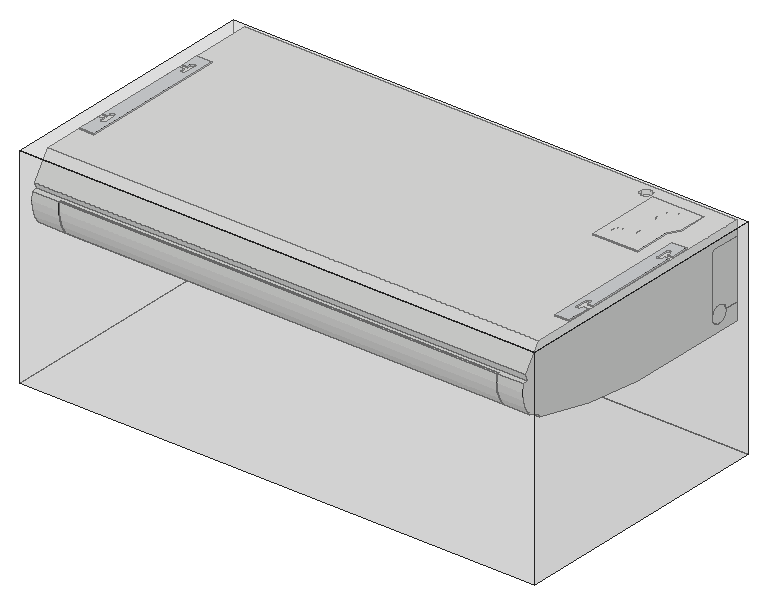
Revit family "outputfile", category 機械設備, Revit 2024
Family settings
  丸型コネクタ寸法 = 半径を使用
  パーツ タイプ = 標準
  OmniClass 番号 = 23.75.10.24.21.27.27
  OmniClass タイトル = Split System Air Conditioning Units
  作業面ベース = いいえ
  常に垂直 = はい
  ロード時にボイドで切り取り = いいえ
  注釈の向きを維持 = いいえ
  共有 = いいえ
  部屋計算ポイント = はい
Parameters (values of type "FHA60DVMG")
  製造元 = "Daikin"
  書き出し IFC クラス(タイプ) = "IfcUnitaryEquipmentType"
  定義済み IFC タイプ(タイプ) = "AIRCONDITIONINGUNIT"
  モデル = "FHA60DVMG"
  switch_frequency = yes
  r_Liquid Pipe Size = Liquid Pipe Size / 2  # 3.2 mm
  r_Gas Pipe Size = Gas Pipe Size / 2  # 6.35 mm
  r_Drain Pipe Size = Drain Pipe Size / 2  # 10.0 mm
  l_powersupply [instance] = if(Rear Right Connection_powersupply, 29.0 mm, 175.0 mm)  # 29.0 mm
  h_mountinghole = 2.0 mm
  connector_voltage = Voltage_50Hz  # 230 V
  connector_powerinput = [Power Input (Cooling)]  # 1.290 kW
  connector_phase = Phase_50Hz  # 1
  angle_vertical_powersupply [instance] = if(Rear Right Connection_powersupply, 90.00°, 180.00°)  # 90.00°
  angle_vertical_drainpipe [instance] = if(or(Left Connection_drainpipe, Right Connection_drainpipe), 90.00°, if(Top Connection_drainpipe, 180.00°, -90.00°))  # -90.00°
  angle_horizontal_powersupply [instance] = if(Rear Right Connection_powersupply, 180.00°, 0.00°)  # 180.00°
  angle_horizontal_drainpipe [instance] = if(Right Connection_drainpipe, 90.00°, if(Left Connection_drainpipe, -90.00°, 0.00°))  # 0.00°
  Voltage_comment_60Hz = "220-230"
  Voltage_comment_50Hz = "220-240"
  Voltage_60Hz = 220 V
  Voltage_50Hz = 230 V
  Top Connection_refrigerant [instance] = no
  Top Connection_powersupply [instance] = not(Rear Right Connection_powersupply)  # no
  Right Connection_refrigerant [instance] = no
  Rear Right Connection_refrigerant [instance] = yes
  Phase_60Hz = 1
  Phase_50Hz = 1
  Material_Casing = DAIKIN_White_Casing_indoorunit
  lw_powersupply [instance] = if(Rear Right Connection_powersupply, 220.0 mm, 210.0 mm)  # 220.0 mm
  lw_mountinghole_pitch = Width - 40.0 mm  # 1230.0 mm
  lw_mountinghole = 20.0 mm
  lw_liquidpipe [instance] = if(Right Connection_refrigerant, 156.0 mm, if(Top Connection_refrigerant, 156.0 mm, 136.0 mm))  # 136.0 mm
  lw_gaspipe = 105.0 mm
  lw_drainpipe [instance] = if(Top Connection_drainpipe, 102.0 mm, if(Width = 960.0 mm, if(or(Left Connection_drainpipe, Rear Left Connection_drainpipe), 884.0 mm, 83.0 mm), if(Width = 1270.0 mm, if(or(Left Connection_drainpipe, Rear Left Connection_drainpipe), 1194.0 mm, 83.0 mm), if(Width = 1590.0 mm, if(or(Left Connection_drainpipe, Rear Left Connection_drainpipe), 1514.0 mm, 83.0 mm), 83.0 mm))))  # 83.0 mm
  lh_powersupply = 175.0 mm
  lh_liquidpipe [instance] = if(Rear Right Connection_refrigerant, 160.0 mm, 131.0 mm)  # 160.0 mm
  lh_gaspipe [instance] = if(Rear Right Connection_refrigerant, 150.0 mm, 91.0 mm)  # 150.0 mm
  lh_drainpipe = 197.0 mm
  l_antena = 1.0 mm
  ld_powersupply = 30.0 mm
  ld_mountinghole_pitch = 260.0 mm
  ld_mountinghole = 210.0 mm
  ld_liquidpipe [instance] = if(Right Connection_refrigerant, 57.0 mm, if(Top Connection_refrigerant, 189.0 mm, 221.0 mm))  # 221.0 mm
  ld_gaspipe [instance] = if(Right Connection_refrigerant, 57.0 mm, if(Top Connection_refrigerant, 163.0 mm, 214.0 mm))  # 214.0 mm
  ld_drainpipe [instance] = if(or(Left Connection_drainpipe, Right Connection_drainpipe), 57.0 mm, if(Top Connection_drainpipe, 87.0 mm, 268.0 mm))  # 268.0 mm
  l_liquidpipe_length [instance] = if(Right Connection_refrigerant, 156.0 mm, if(Top Connection_refrigerant, 131.0 mm, 220.0 mm))  # 220.0 mm
  l_gaspipe_length [instance] = if(Right Connection_refrigerant, 105.0 mm, if(Top Connection_refrigerant, 91.0 mm, 213.0 mm))  # 213.0 mm
  l_drainpipe_length [instance] = if(Right Connection_drainpipe, 83.0 mm, if(Top Connection_drainpipe, 197.0 mm, if(Left Connection_drainpipe, 76.0 mm, 267.0 mm)))  # 267.0 mm
  h*** = 0.0 mm
  angle_vertical [instance] = if(Right Connection_refrigerant, 90.00°, if(Top Connection_refrigerant, 180.00°, -90.00°))  # -90.00°
  angle_horizontal [instance] = if(Right Connection_refrigerant, 90.00°, 0.00°)  # 0.00°
  Width = 1270.0 mm
  Version = "ver.1.0"
  Unit Type = "Ceiling"
  Unit Mass Weight = 32.00 kg
  Unit Designation [instance] = ""
  Uniclass2015Version = "Products v1.30"
  Uniclass2015Title = "Split coil room air conditioning units"
  Uniclass2015Code = "Pr_70_65_03_86"
  Total Cooling Capacity [instance] = 0.000 kW
  Top Connection_drainpipe [instance] = no
  Sound Pressure Level_M speed (dBA) = 36
  Sound Pressure Level_L speed (dBA) = 34
  Sound Pressure Level_H speed (dBA) = 38
  Series = "SkyAir_Fan Coil Unit"
  Sensible Cooling Capacity [instance] = 0.000 kW
  Rear Right Connection_drainpipe [instance] = yes
  Rear Right Connection_powersupply [instance] = yes
  Right Connection_drainpipe [instance] = no
  Refrigerant Type = "R32"
  Power Input (Cooling) = 1.290 kW
  Option Accessory 3 [instance] = ""
  Option Accessory 2 [instance] = ""
  Option Accessory 1 [instance] = ""
  Nominal Cooling Capacity = 5.400 kW
  Minimum Airflow = 840.00 m³/h
  Median Airflow = 1020.00 m³/h
  Maximum Airflow = 1230.00 m³/h
  Load Classification = HVAC
  Liquid Pipe Size = 6.4 mm
  Link_Nested Family [instance] = ""
  Rear Left Connection_drainpipe [instance] = no
  Left Connection_drainpipe [instance] = no
  IfcVersion = ""
  IfcExportType = "AIRCONDITIONINGUNIT"
  IfcExportAs = "IfcUnitaryEquipmentType"
  Height = 235.0 mm
  Heat Exchanger Type = "Cross Fin Coil"
  Gas Pipe Size = 12.7 mm
  Frequency_60Hz = 60 Hz
  Frequency_50Hz = 50 Hz
  Fan Type = "Sirocco Fan"
  Fan Drive = "Direct Drive"
  FCU Tag No. [instance] = ""
  Drain Pipe Size = 20.0 mm
  Design Supply Airflow [instance] = 0.00 m³/h
  Design Outdoor Airflow [instance] = 0.00 m³/h
  Depth = 690.0 mm
  既定の高さ = 0.0 mm
  Cooling Entering Wet Bulb Temperature [instance] = 0.00 °C
  Cooling Entering Dry Bulb Temperature [instance] = 0.00 °C
  Cooling Ambient Wet Bulb Temperature [instance] = 0.00 °C
  Cooling Ambient Dry Bulb Temperature [instance] = 0.00 °C
  Clearance visibility [instance] = yes
  Clearance Top = 5.0 mm
  Clearance Right = 30.0 mm
  Clearance Rear = 0.0 mm
  Clearance Left = 30.0 mm
  Clearance Front = 0.0 mm
  Clearance Bottom = 300.0 mm
Reference planes
  plane 1 "Back": y = 0
  plane 2: z = 0
  plane 3 "Center (Left/Right)": x = 0
  plane 4 "Center (Front/Back)": y = -1
  plane 5 "Front": y = -690
  plane 6 "Left": x = -635
  plane 7 "Right": x = 635
  plane 8 "Top": z = 0
  plane 9 "Bottom": z = -235
  plane 10: y = -690
  plane 11: x = -665
  plane 12: x = 665
  plane 13: z = 5
  plane 14: z = -535
  plane 15: y = 0
  plane 16 "lw_mountinghole": x = -615
  plane 17 "lw_mountinghole2": x = 615
  plane 18 "ld_mountinghole": y = -210
  plane 19 "ld_mountinghole2": y = -470
  plane 20 "lw_gaspipe": x = 530
  plane 21 "ld_gaspipe": y = -214
  plane 22 "lh_gaspipe": z = -150
  plane 23 "lw_liquidpipe": x = 499
  plane 24 "ld_liquidpipe": y = -221
  plane 25 "lh_liquidpipe": z = -160
  plane 26 "ld_drainpipe": y = -268
  plane 27 "lw_drainpipe": x = 552
  plane 28 "lh_drainpipe": z = -197
  plane 29 "lw_powersupply": x = 415
  plane 30 "lh_powersupply": z = -175
  plane 31 "ld_powersupply": y = -30
  plane 32: x = -565.5
  plane 33: x = 565.5
  plane 34: x = -590
  plane 35: x = 590
  plane 36: x = -2
  plane 37: x = 2
Forms (mm)
  Extrusion 1, solid, material "DAIKIN_White_Casing_indoorunit" <- "Material_Casing"
    sketch origin (0, 0, 0) x (0, 1, 0) y (0, 0, 1)
      loop
        line (-639.277, 0) -> (-680.876, -61.699) -> (-675.026, -77.772)
        arc (-675.026, -77.772) -> (-681.815, -78.743) -> (-688.601, -79.732) r 2634.132
        arc (-688.601, -79.732) -> (-687.018, -121.096) -> (-669.159, -158.439) r 102.2
        line (-669.159, -158.439) -> (-639.858, -169.325) -> (-635.895, -178.261)
        arc (-635.895, -178.261) -> (-479.121, -215.759) -> (-319.077, -235) r 1400.997
        line (-319.077, -235) -> (-1, -235) -> (-1, 0) -> (-639.277, 0)
    from -635 to 635
  Extrusion 2, solid, material "DAIKIN_White_Casing_indoorunit" <- "Material_Casing"
    sketch origin (0, 0, 0) x (0, 1, 0) y (0, 0, 1)
      loop
        arc (-688.601, -79.732) -> (-687.018, -121.096) -> (-669.159, -158.439) r 102.2
        line (-669.159, -158.439) -> (-665.589, -154.869)
        arc (-665.589, -154.869) -> (-682.432, -118.783) -> (-683.39, -78.971) r 97.2
        arc (-683.39, -78.971) -> (-685.996, -79.351) -> (-688.601, -79.732) r 2634.132
    from -565.5 to 565.5
  Extrusion 3, void
    sketch origin (0, 0, 0) x (0, 1, 0) y (0, 0, 1)
      loop
        line (-301.098, -235) -> (-21.098, -235) -> (-21.098, -230) -> (-301.098, -230) -> (-301.098, -235)
    from -590 to 590
  Extrusion 4, solid, material "DAIKIN_White_Grille_indoorunit"
    sketch origin (0, 0, 0) x (0, 1, 0) y (0, 0, 1)
      loop
        line (-20.098, -230) -> (-301.098, -230) -> (-301.098, -235) -> (-20.098, -235) -> (-20.098, -230)
    from -590 to -2
  Extrusion 5, solid, material "DAIKIN_White_Casing_indoorunit" <- "Material_Casing"
    sketch origin (0, 0, 0) x (1, 0, 0) y (0, 0, 1)
      loop
        line (442, -63) -> (442, -178) -> (513, -220) -> (576, -220) -> (576, -63) -> (442, -63)
    from 0 to 1
  Extrusion 6, solid, material "DAIKIN_White_Casing_indoorunit" <- "Material_Casing"
    sketch origin (0, 0, 0) x (-1, 0, 0) y (0, -1, 0)
      loop
        line (-447, 35) -> (-447, 230) -> (-563, 230) -> (-563, 135) -> (-578, 105) -> (-578, 35) -> (-447, 35)
    from 0 to 1.9
  Extrusion 7, void
    sketch origin (635, 0, 0) x (0, 1, 0) y (0, 0, 1)
      loop
        arc (-79.5, -195) -> (-55.446, -217.446) -> (-34.715, -191.9) r 22.5
        line (-34.715, -191.9) -> (-1, -191.9) -> (-1, -190.1) -> (-35.04, -190.1)
        arc (-35.04, -190.1) -> (-54.942, -172.594) -> (-77.7, -186.182) r 22.5
        line (-77.7, -186.182) -> (-77.7, -43)
        arc (-77.7, -43) -> (-76.528, -40.172) -> (-73.7, -39) r 4
        line (-73.7, -39) -> (-1, -39) -> (-1, -37.2) -> (-73.7, -37.2)
        arc (-73.7, -37.2) -> (-77.801, -38.899) -> (-79.5, -43) r 5.8
        line (-79.5, -43) -> (-79.5, -195)
      loop
        circle (-57, -195) r 20.7
    from 0 to -10
  Extrusion 8, void
    sketch origin (-1444.026, -1, 1200) x (1, 0, 0) y (0, 0, 1)
      loop
        arc (875.026, -1375) -> (864.42, -1379.393) -> (860.026, -1390) r 15
        line (860.026, -1390) -> (860.026, -1400)
        arc (860.026, -1400) -> (864.42, -1410.607) -> (875.026, -1415) r 15
        line (875.026, -1415) -> (905.026, -1415)
        arc (905.026, -1415) -> (915.633, -1410.607) -> (920.026, -1400) r 15
        line (920.026, -1400) -> (920.026, -1390)
        arc (920.026, -1390) -> (915.633, -1379.393) -> (905.026, -1375) r 15
        line (905.026, -1375) -> (875.026, -1375)
    from 0 to 10
  Extrusion 9, void
    sketch origin (-635, 0, 0) x (0, 1, 0) y (0, 0, 1)
      loop
        circle (-57, -197) r 22.5
    from 0 to 10
  Extrusion 10, void
    sketch origin (-1444.026, -1, 1200) x (1, 0, 0) y (0, 0, 1)
      loop
        circle (1976.026, -1375) r 44
    from 0 to 10
  Extrusion 11, void
    sketch origin (0, 0, 0) x (-1, 0, 0) y (0, -1, 0)
      loop
        circle (-533, 87) r 30
    from 0 to -10
  Extrusion 12, void
    sketch origin (0, 0, 0) x (-1, 0, 0) y (0, -1, 0)
      loop
        circle (-530, 163) r 18
    from 0 to -10
  Extrusion 13, void
    sketch origin (0, 0, 0) x (-1, 0, 0) y (0, -1, 0)
      loop
        circle (-479, 189) r 13
    from 0 to -10
  Extrusion 14, void
    sketch origin (-1444.026, -1, 1200) x (1, 0, 0) y (0, 0, 1)
      loop
        circle (1859.026, -1375) r 14.5
    from 0 to 10
  Extrusion 15, void
    sketch origin (0, 0, 0) x (-1, 0, 0) y (0, -1, 0)
      loop
        circle (-425, 30) r 14.5
    from 0 to -10
  Extrusion 16, void
    sketch origin (635, 0, 0) x (0, 1, 0) y (0, 0, 1)
      loop
        arc (-665.589, -154.869) -> (-682.432, -118.783) -> (-683.39, -78.971) r 97.2
        arc (-683.39, -78.971) -> (-685.996, -79.351) -> (-688.601, -79.732) r 2634.132
        arc (-688.601, -79.732) -> (-687.018, -121.096) -> (-669.159, -158.439) r 102.2
        line (-669.159, -158.439) -> (-665.589, -154.869)
    from -69.5 to -1200.5
  Extrusion 17, solid, material "DAIKIN_White_Casing_indoorunit" <- "Material_Casing"
    sketch origin (-635, 0, 0) x (0, 1, 0) y (0, 0, 1)
      loop
        circle (-57, -197) r 22.5
    from 0 to 10
  Extrusion 18, solid, material "DAIKIN_White_Grille_indoorunit"
    sketch origin (780, 0, 0) x (0, 1, 0) y (0, 0, 1)
      loop
        line (-20.098, -230) -> (-301.098, -230) -> (-301.098, -235) -> (-20.098, -235) -> (-20.098, -230)
    from -782 to -778
  Extrusion 19, solid, material "DAIKIN_White_Grille_indoorunit"
    sketch origin (0, 0, 0) x (0, 1, 0) y (0, 0, -1)
      loop
        line (-20.098, 230) -> (-20.098, 235) -> (-301.098, 235) -> (-301.098, 230) -> (-20.098, 230)
    from -590 to -2
Cuts and joins
  Extrusion 3, Extrusion 7, Extrusion 8, Extrusion 9, Extrusion 10, Extrusion 11, Extrusion 12, Extrusion 13, Extrusion 14, Extrusion 15, Extrusion 16 cuts Extrusion 1
Lines and regions (mm)
  reference lines
    curve 1: line (635, -580.282, -192.75) -> (635, -551.225, -200.21)
Dimensions and locks
  equal spacing: plane 6 "Left", plane 3 "Center (Left/Right)", plane 7 "Right"
  "Width": plane 6 "Left" to plane 7 "Right"
  "Depth": plane 5 "Front" to plane 1 "Back"
  "Height": plane 8 "Top" to plane 9 "Bottom"
  "Clearance Front": plane 10 to plane 5 "Front"
  "Clearance Left": plane 11 to plane 6 "Left"
  "Clearance Right": plane 7 "Right" to plane 12
  "Clearance Top": plane 13 to plane 8 "Top"
  "Clearance Bottom": plane 9 "Bottom" to plane 14
  "Clearance Rear": plane 1 "Back" to plane 15
  locked: plane 4 "Center (Front/Back)" to plane 1 "Back" at 1
  locked: Extrusion 1 sketch curve to Extrusion 1 sketch curve at 235
  locked: Extrusion 1 sketch curve to Extrusion 1 sketch curve at 318.077
  locked: Extrusion 1 sketch curve to Extrusion 1 sketch curve at 1163.297
  locked: Extrusion 1 sketch curve to Extrusion 1 sketch curve at 231.144
  Extrusion 3 sketch curve to Extrusion 3 sketch curve to plane 1 "Back" = 280.0 mm locked, 21.098 mm locked
  "ld_mountinghole": plane 18 "ld_mountinghole" to plane 1 "Back"
  "ld_mountinghole_pitch": plane 18 "ld_mountinghole" to plane 19 "ld_mountinghole2"
  "lw_mountinghole_pitch": plane 16 "lw_mountinghole" to plane 17 "lw_mountinghole2"
  "lw_mountinghole": plane 6 "Left" to plane 16 "lw_mountinghole"
  "lw_gaspipe": plane 20 "lw_gaspipe" to plane 7 "Right"
  "ld_gaspipe": plane 1 "Back" to plane 21 "ld_gaspipe"
  "lw_liquidpipe": plane 23 "lw_liquidpipe" to plane 7 "Right"
  "ld_liquidpipe": plane 1 "Back" to plane 24 "ld_liquidpipe"
  "lw_drainpipe": plane 27 "lw_drainpipe" to plane 7 "Right"
  "ld_drainpipe": plane 26 "ld_drainpipe" to plane 1 "Back"
  plane 8 "Top" to Extrusion 5 sketch curve to Extrusion 5 sketch curve = 63.0 mm locked, 157.0 mm locked
  plane 7 "Right" to Extrusion 5 sketch curve to Extrusion 5 sketch curve = 59.0 mm locked, 134.0 mm locked
  locked: Extrusion 5 sketch curve to Extrusion 5 sketch curve at 115
  locked: Extrusion 5 sketch curve to Extrusion 5 sketch curve at 63
  locked: Extrusion 6 sketch curve to Extrusion 6 sketch curve at 195
  locked: Extrusion 6 sketch curve to Extrusion 6 sketch curve at 116
  locked: Extrusion 6 sketch curve to Extrusion 6 sketch curve at 131
  locked: Extrusion 6 sketch curve to Extrusion 6 sketch curve at 100
  locked: Extrusion 6 sketch curve to plane 1 "Back" at 35
  locked: Extrusion 6 sketch curve to plane 7 "Right" at 57
  locked: Extrusion 8 sketch curve to Extrusion 8 sketch curve at 40
  locked: Extrusion 8 sketch curve to Extrusion 8 sketch curve at 60
  locked: plane 8 "Top" to Extrusion 8 sketch curve at 175
  locked: Extrusion 8 sketch curve to plane 6 "Left" at 51
  locked: plane 7 "Right" to Extrusion 10 sketch curve at 103
  locked: plane 8 "Top" to Extrusion 10 sketch curve at 175
  locked: Extrusion 11 sketch curve to plane 1 "Back" at 87
  locked: Extrusion 11 sketch curve to plane 7 "Right" at 102
  locked: Extrusion 12 sketch curve to plane 1 "Back" at 163
  locked: Extrusion 12 sketch curve to plane 7 "Right" at 105
  locked: Extrusion 13 sketch curve to plane 1 "Back" at 189
  locked: Extrusion 13 sketch curve to plane 7 "Right" at 156
  "lw_powersupply": plane 29 "lw_powersupply" to plane 7 "Right"
  "lh_gaspipe": plane 8 "Top" to plane 22 "lh_gaspipe"
  "lh_liquidpipe": plane 8 "Top" to plane 25 "lh_liquidpipe"
  "lh_powersupply": plane 8 "Top" to plane 30 "lh_powersupply"
  "lh_drainpipe": plane 8 "Top" to plane 28 "lh_drainpipe"
  "ld_powersupply": plane 1 "Back" to plane 31 "ld_powersupply"
  locked: plane 8 "Top" to Extrusion 7 sketch curve at 195
  locked: Extrusion 7 sketch curve to plane 1 "Back" at 57
  locked: plane 9 "Bottom" to Extrusion 7 sketch curve at 43.1
  locked: Extrusion 7 sketch curve to plane 8 "Top" at 39
  locked: Extrusion 7 sketch curve to plane 1 "Back" at 79.5
  locked: Extrusion 9 sketch curve to plane 1 "Back" at 57
  locked: plane 8 "Top" to Extrusion 9 sketch curve at 197
  locked: Extrusion 17 sketch curve to plane 1 "Back" at 57
  locked: plane 8 "Top" to Extrusion 17 sketch curve at 197
  locked: plane 7 "Right" to Extrusion 14 sketch curve at 220
  locked: plane 8 "Top" to Extrusion 14 sketch curve at 175
  locked: Extrusion 15 sketch curve to plane 7 "Right" at 210
  locked: Extrusion 15 sketch curve to plane 1 "Back" at 30
  locked: curve 1 to plane 9 "Bottom" at 34.79
  locked: curve 1 to plane 9 "Bottom" at 42.25
  locked: plane 6 "Left" to plane 32 at 69.5
  locked: plane 33 to plane 7 "Right" at 69.5
  locked: plane 35 to plane 7 "Right" at 45
  locked: plane 6 "Left" to plane 34 at 45
  plane 36 to plane 3 "Center (Left/Right)" to plane 37 = 2.0 mm locked, 2.0 mm locked
  locked: curve 1 to plane 9 "Bottom" (angle 14.40°)
  aligned and locked: level to plane 2
  aligned and locked: nested 1 to plane 11
  aligned and locked: nested 1 to plane 12
  aligned and locked: nested 1 to plane 10
  aligned and locked: plane 13 to nested 1
  aligned and locked: plane 14 to nested 1
  aligned and locked: plane 15 to nested 1
  aligned and locked: Extrusion 1 sketch curve to plane 8 "Top"
  aligned and locked: Extrusion 2 sketch curve to Extrusion 1  (x2)
  aligned and locked: plane 7 "Right" to Extrusion 1
  aligned and locked: Extrusion 1 to plane 6 "Left"
  aligned and locked: cut or joined group 1 (Extrusion 1, Extrusion 3, Extrusion 7, Extrusion 8, Extrusion 9, Extrusion 10, Extrusion 11, Extrusion 12, Extrusion 13, Extrusion 14, Extrusion 15, Extrusion 16) to Extrusion 3 sketch curve
  aligned and locked: cut or joined group 1 to Extrusion 4 sketch curve
  aligned and locked: Extrusion 5 to plane 4 "Center (Front/Back)"
  aligned and locked: Extrusion 7 sketch curve to plane 4 "Center (Front/Back)"
  aligned and locked: Extrusion 16 sketch curve to Extrusion 2  (x4)
  aligned and locked: Extrusion 16 to Extrusion 2  (x2)
  aligned and locked: nested 2 to plane 26 "ld_drainpipe"
  aligned and locked: plane 27 "lw_drainpipe" to nested 2
  aligned and locked: plane 20 "lw_gaspipe" to nested 3
  aligned and locked: nested 3 to plane 21 "ld_gaspipe"
  aligned and locked: plane 23 "lw_liquidpipe" to nested 4
  aligned and locked: nested 4 to plane 24 "ld_liquidpipe"
  aligned and locked: plane 25 "lh_liquidpipe" to nested 4
  aligned and locked: nested 5 to plane 31 "ld_powersupply"
  aligned and locked: plane 29 "lw_powersupply" to nested 5
  aligned and locked: nested 7 to plane 18 "ld_mountinghole"
  aligned and locked: plane 16 "lw_mountinghole" to nested 7
  aligned and locked: nested 6 to plane 19 "ld_mountinghole2"
  aligned and locked: plane 16 "lw_mountinghole" to nested 6
  aligned and locked: nested 9 to plane 18 "ld_mountinghole"
  aligned and locked: plane 17 "lw_mountinghole2" to nested 9
  aligned and locked: plane 17 "lw_mountinghole2" to nested 8
  aligned and locked: nested 8 to plane 19 "ld_mountinghole2"
  aligned and locked: nested 10 to curve 1
  aligned and locked: level to plane 8 "Top"
  aligned and locked: cut or joined group 1 to plane 32
  aligned and locked: plane 33 to cut or joined group 1
  aligned and locked: Extrusion 16 to plane 32
  aligned and locked: plane 33 to Extrusion 16
  aligned and locked: Extrusion 4 to plane 34
  aligned and locked: cut or joined group 1 to plane 34
  aligned and locked: plane 34 to Extrusion 4  (x3)
  aligned and locked: plane 16 "lw_mountinghole" to nested 11
  aligned and locked: plane 17 "lw_mountinghole2" to nested 12
  aligned and locked: plane 36 to Extrusion 4
  aligned and locked: Extrusion 18 to plane 36
  aligned and locked: plane 37 to Extrusion 18
  aligned and locked: Extrusion 19 to plane 37
  aligned and locked: plane 37 to Extrusion 19
  aligned and locked: plane 35 to Extrusion 19
  aligned and locked: plane 35 to Extrusion 3
  aligned and locked: Extrusion 4 to cut or joined group 1
  aligned and locked: cut or joined group 1 to Extrusion 18
  aligned and locked: cut or joined group 1 to Extrusion 19
Automatic sketch dimensions
  Extrusion 1 sketch curve to plane 4 "Center (Front/Back)" = 0.0 mm
  Extrusion 1 sketch curve to plane 5 "Front" = 102.2 mm
  Extrusion 1 sketch curve to plane 30 "lh_powersupply" = 3.261 mm
  Extrusion 1 sketch curve to plane 5 "Front" = 50.723 mm
  plane 30 "lh_powersupply" to Extrusion 1 sketch curve = 5.675 mm
  Extrusion 1 sketch curve to Extrusion 1 sketch curve = 3.963 mm
  plane 25 "lh_liquidpipe" to Extrusion 1 sketch curve = 1.561 mm
  Extrusion 1 sketch curve to plane 5 "Front" = 20.841 mm
  Extrusion 1 sketch curve to plane 5 "Front" = 14.974 mm
  Extrusion 1 sketch curve to plane 5 "Front" = 9.124 mm
  Extrusion 1 sketch curve to plane 26 "ld_drainpipe" = 37.278 mm
  Extrusion 1 sketch curve to plane 14 = 2150.825 mm
  plane 22 "lh_gaspipe" to Extrusion 1 sketch curve = 53.413 mm
  Extrusion 1 sketch curve to level = 77.772 mm
  Extrusion 1 sketch curve to Extrusion 1 sketch curve = 16.072 mm
  Extrusion 2 sketch curve to Extrusion 2 sketch curve = 0.0 mm  (x2)
  plane 25 "lh_liquidpipe" to Extrusion 2 sketch curve = 1.561 mm
  Extrusion 2 sketch curve to plane 22 "lh_gaspipe" = 4.869 mm
  Extrusion 2 sketch curve to Extrusion 2 sketch curve = 3.57 mm
  Extrusion 3 sketch curve to Extrusion 3 sketch curve = 5.0 mm
  plane 31 "ld_powersupply" to Extrusion 4 sketch curve = 9.902 mm
  Extrusion 4 sketch curve to Extrusion 4 sketch curve = 5.0 mm
  Extrusion 6 sketch curve to Extrusion 6 sketch curve = 30.0 mm
  Extrusion 7 sketch curve to Extrusion 7 sketch curve = 0.0 mm  (x6)
  Extrusion 7 sketch curve to plane 4 "Center (Front/Back)" = 0.0 mm  (x2)
  Extrusion 7 sketch curve to Extrusion 7 sketch curve = 1.8 mm  (x2)
  Extrusion 7 sketch curve to Extrusion 7 sketch curve = 4.0 mm
  Extrusion 7 sketch curve to Extrusion 7 sketch curve = 0.325 mm
  Extrusion 8 sketch curve to plane 32 = 3.5 mm  (x2)
  Extrusion 8 sketch curve to plane 28 "lh_drainpipe" = 3.0 mm
  Extrusion 8 sketch curve to Extrusion 8 sketch curve = 15.0 mm
  curve 1 to plane 5 "Front" = 109.718 mm
  Extrusion 18 sketch curve to plane 9 "Bottom" = 0.0 mm
  plane 9 "Bottom" to Extrusion 18 sketch curve = 5.0 mm
  Extrusion 18 sketch curve to plane 26 "ld_drainpipe" = 33.098 mm
  plane 31 "ld_powersupply" to Extrusion 18 sketch curve = 9.902 mm
  Extrusion 19 sketch curve to plane 9 "Bottom" = 0.0 mm
  plane 9 "Bottom" to Extrusion 19 sketch curve = 5.0 mm
  Extrusion 19 sketch curve to plane 26 "ld_drainpipe" = 33.098 mm
  plane 31 "ld_powersupply" to Extrusion 19 sketch curve = 9.902 mm
  Extrusion 4 sketch curve to plane 26 "ld_drainpipe" = 33.098 mm
  radius of Extrusion 7 sketch curve = 20.7 mm
  radius of Extrusion 9 sketch curve = 22.5 mm
  radius of Extrusion 10 sketch curve = 44.0 mm
  radius of Extrusion 11 sketch curve = 30.0 mm
  radius of Extrusion 12 sketch curve = 18.0 mm
  radius of Extrusion 13 sketch curve = 13.0 mm
  radius of Extrusion 14 sketch curve = 14.5 mm
  radius of Extrusion 15 sketch curve = 14.5 mm
  radius of Extrusion 17 sketch curve = 22.5 mm
Nested families
  nested 1: "daikin_clearancespace" at (0, -345, -264.881), visible <- "Clearance visibility", show <- "Clearance visibility", Link_Nested Family <- "Link_Nested Family", type "daikin_clearancespace"
    with width 1330.0 mm, show yes, height 540.0 mm, depth 690.0 mm, Link_Nested Family ""
  nested 2: "daikin_connector_rotate3" at (552, -268, -197), radius <- "r_Drain Pipe Size", angle_vertical <- "angle_vertical_drainpipe", angle_horizontal <- "angle_horizontal_drainpipe", length <- "l_drainpipe_length", type "daikin_connector_rotate3"
    with show no, radius 10.0 mm, length 267.0 mm, angle_vertical -90.00°, angle_horizontal 0.00°
  nested 3: "daikin_connector_rotate3" at (530, -214, -150), radius <- "r_Gas Pipe Size", angle_vertical <- "angle_vertical", angle_horizontal <- "angle_horizontal", length <- "l_gaspipe_length", type "daikin_connector_rotate3"
    with show no, radius 6.35 mm, length 213.0 mm, angle_vertical -90.00°, angle_horizontal 0.00°
  nested 4: "daikin_connector_rotate3" at (499, -221, -160), radius <- "r_Liquid Pipe Size", angle_vertical <- "angle_vertical", angle_horizontal <- "angle_horizontal", length <- "l_liquidpipe_length", type "daikin_connector_rotate3"
    with show no, radius 3.2 mm, length 220.0 mm, angle_vertical -90.00°, angle_horizontal 0.00°
  nested 5: "daikin_connector_rotate3" at (415, -30, -175), length <- "l_powersupply", angle_vertical <- "angle_vertical_powersupply", angle_horizontal <- "angle_horizontal_powersupply", type "daikin_connector_rotate3"
    with show no, radius 10.0 mm, length 29.0 mm, angle_vertical 90.00°, angle_horizontal 180.00°
  nested 6: "daikin_mountinghole" at (-615, -470, 0), l_antenna <- "l_antena", Link_Nested Family <- "Link_Nested Family", h_mountinghole <- "h_mountinghole", type "daikin_mountinghole"
    with show yes, l_antenna 1.0 mm, h_mountinghole 2.0 mm, Link_Nested Family ""
  nested 7: "daikin_mountinghole" at (-615, -210, 0), l_antenna <- "l_antena", Link_Nested Family <- "Link_Nested Family", h_mountinghole <- "h_mountinghole", type "daikin_mountinghole"
    with show yes, l_antenna 1.0 mm, h_mountinghole 2.0 mm, Link_Nested Family ""
  nested 8: "daikin_mountinghole" at (615, -470, 0), l_antenna <- "l_antena", Link_Nested Family <- "Link_Nested Family", h_mountinghole <- "h_mountinghole", type "daikin_mountinghole"
    with show yes, l_antenna 1.0 mm, h_mountinghole 2.0 mm, Link_Nested Family ""
  nested 9: "daikin_mountinghole" at (615, -210, 0), Link_Nested Family <- "Link_Nested Family", l_antenna <- "l_antena", h_mountinghole <- "h_mountinghole", type "daikin_mountinghole"
    with show yes, l_antenna 1.0 mm, h_mountinghole 2.0 mm, Link_Nested Family ""
  nested 10: "daikin_logo_plane_w40" at (487.963, -559.801, -198.008) x (1, 0, 0) z (0, -0.2487, -0.9686), type "daikin_logo_plane_w40"
    with show_logo yes
  nested 11: "daikin_hangerfixture_FHA-DVMG" at (-615, 0, 0), type "daikin_hangerfixture_FHA-DVMG"
    with width 38.0 mm, height 2.0 mm, depth 380.0 mm
  nested 12: "daikin_hangerfixture_FHA-DVMG" at (615, 0, 0) x (-1, 0, 0) z (0, 0, 1), type "daikin_hangerfixture_FHA-DVMG"
    with width 38.0 mm, height 2.0 mm, depth 380.0 mm
Connectors
  piping at (552, -1, -197), diameter 20, driven by "r_Drain Pipe Size"
    settings: on nested 2, index 1, connector inside diameter 609.6 mm, connector length 0.0 mm, flow factor 0, pipe flow 0.00 m³/h, pressure drop 0.0 Pa, fitting loss kfactor 0, connector angle 0.00°, fixture units 0, engagement length 0.0 mm, angle of deflection 0.00°, flow configuration 1, flow direction 2, fitting loss method 4, system type 16, joint type 0, gender type 0, connector reference index -1, connector utility 0, adjustable connector no, is connector primary yes, connector description "Condensate Drain Piping"
  piping at (530, -1, -150), diameter 12.7, driven by "r_Gas Pipe Size"
    settings: on nested 3, index 3, connector inside diameter 609.6 mm, connector length 0.0 mm, flow factor 0, pipe flow 0.00 m³/h, pressure drop 0.0 Pa, fitting loss kfactor 0, connector angle 0.00°, fixture units 0, engagement length 0.0 mm, angle of deflection 0.00°, flow configuration 1, flow direction 2, fitting loss method 0, system type 29, joint type 0, gender type 0, connector reference index -1, connector utility 0, adjustable connector no, is connector primary no, connector description "Refrigerant Gas Piping"
  piping at (499, -1, -160), diameter 6.4, driven by "r_Liquid Pipe Size"
    settings: on nested 4, index 4, connector inside diameter 609.6 mm, connector length 0.0 mm, flow factor 0, pipe flow 0.00 m³/h, pressure drop 0.0 Pa, fitting loss kfactor 0, connector angle 0.00°, fixture units 0, engagement length 0.0 mm, angle of deflection 0.00°, flow configuration 1, flow direction 1, fitting loss method 0, system type 29, joint type 0, gender type 0, connector reference index -1, connector utility 0, adjustable connector no, is connector primary no, connector description "Refrigerant Liquid Piping"
  electrical at (415, -1, -175), driven by "Load Classification", driven by "connector_powerinput", driven by "connector_phase", driven by "connector_voltage"
    settings: on nested 5, index 6, voltage 230 V, apparent load 1290 VA, apparent load phase1 0 VA, apparent load phase2 0 VA, apparent load phase3 0 VA, power factor 1, load classification "HVAC", number of poles 1, system type 30, power factor state 1, is connector primary yes, connector utility no, sub classification motor no, connector description "Power Supply"
Definition of nested family "daikin_clearancespace"
  Parameters (values of type "daikin_clearancespace")
    Description = "daikin_clearancespace"
    width [instance] = 1823.963 mm
    show [instance] = yes
    material = none
    height [instance] = 1359.762 mm
    depth [instance] = 880.0 mm
    Default Elevation = 0.0 mm
    Link_Nested Family [instance] = ""
  Reference planes
    plane 1 "Center (Front/Back)": y = 0
    plane 2 "Center (Elevation)": z = -0.119
    plane 3 "Center (Left/Right)": x = 0
    plane 4: y = 440
    plane 5: y = -440
    plane 6 "Right": x = 911.982
    plane 7 "Left": x = -911.982
    plane 8 "Top": z = 679.762
    plane 9 "Bottom": z = -680
  Forms (mm)
    Extrusion 1, solid, material <- "material", visible <- "show"
      sketch origin (0, 0, 0) x (1, 0, 0) y (0, 1, 0)
        loop
          line (-911.982, 440) -> (-911.982, -440) -> (911.982, -440) -> (911.982, 440) -> (-911.982, 440)
      from -680 to 679.762
  Lines and regions (mm)
    symbolic lines, visible <- "show"
      curve 1: line (911.982, 440, 0) -> (-911.982, 440, 0)
      curve 2: line (-911.982, 440, 0) -> (-911.982, -440, 0)
      curve 3: line (-911.982, -440, 0) -> (911.982, -440, 0)
      curve 4: line (911.982, -440, 0) -> (911.982, 440, 0)
      curve 5: line (911.982, 0, 679.762) -> (-911.982, 0, 679.762)
      curve 6: line (911.982, 0, -680) -> (911.982, 0, 679.762)
      curve 7: line (-911.982, 0, -680) -> (911.982, 0, -680)
      curve 8: line (-911.982, 0, 679.762) -> (-911.982, 0, -680)
      curve 9: line (0, 440, 679.762) -> (0, -440, 679.762)
      curve 10: line (0, -440, 679.762) -> (0, -440, -680)
      curve 11: line (0, 440, -680) -> (0, 440, 679.762)
      curve 12: line (0, -440, -680) -> (0, 440, -680)
  Dimensions and locks
    "width": plane 7 "Left" to plane 6 "Right"
    "depth": plane 4 to plane 5
    "height": plane 8 "Top" to plane 9 "Bottom"
    equal spacing: plane 7 "Left", plane 3 "Center (Left/Right)", plane 6 "Right"
    equal spacing: plane 4, plane 1 "Center (Front/Back)", plane 5
    equal spacing: plane 8 "Top", plane 2 "Center (Elevation)", plane 9 "Bottom"
    aligned and locked: level to plane 2 "Center (Elevation)"
    aligned and locked: Extrusion 1 sketch curve to plane 4
    aligned and locked: plane 7 "Left" to Extrusion 1 sketch curve
    aligned and locked: Extrusion 1 sketch curve to plane 5
    aligned and locked: Extrusion 1 sketch curve to plane 6 "Right"
    aligned and locked: plane 8 "Top" to Extrusion 1
    aligned and locked: curve 1 to Extrusion 1
    aligned and locked: curve 2 to Extrusion 1
    aligned and locked: curve 3 to Extrusion 1
    aligned and locked: curve 4 to Extrusion 1
    aligned and locked: curve 5 to Extrusion 1
    aligned and locked: curve 6 to Extrusion 1
    aligned and locked: curve 7 to Extrusion 1
    aligned and locked: curve 8 to Extrusion 1
    aligned and locked: curve 9 to Extrusion 1
    aligned and locked: curve 10 to Extrusion 1
    aligned and locked: curve 11 to Extrusion 1
    aligned and locked: curve 12 to Extrusion 1
    aligned and locked: Extrusion 1 to plane 9 "Bottom"
Definition of nested family "daikin_logo_plane_w40"
  Parameters (values of type "daikin_logo_plane_w40")
    width = 40.0 mm
    show_logo [instance] = yes
    material = none
    height = 0.0 mm
    depth = 0.0 mm
    Default Elevation = 1219.2 mm
  Reference planes
    plane 1 "Center (Front/Back)": y = 0
    plane 2: z = 0
    plane 3 "Center (Left/Right)": x = 0
    plane 4: z = 2
    plane 5 "left": x = -19
    plane 6: x = 19
  Forms (mm)
    Extrusion 1, solid, visible <- "show_logo"
      sketch origin (-19, 0, 0) x (1, 0, 0) y (0, 1, 0)
        loop
          line (8.902, -1.878) -> (7.789, -6.332) -> (11.13, -6.332)
          arc (11.13, -6.332) -> (12.454, -6.064) -> (13.472, -5.176) r 2.642
          arc (13.472, -5.176) -> (13.92, -4.02) -> (13.767, -2.79) r 2.537
          arc (13.767, -2.79) -> (13.452, -2.342) -> (12.982, -2.06) r 1.321
          arc (12.982, -2.06) -> (12.063, -1.902) -> (11.13, -1.878) r 6.479
          line (11.13, -1.878) -> (8.902, -1.878)
        loop
          line (10.016, -5.441) -> (10.907, -5.441)
          arc (10.907, -5.441) -> (11.591, -4.983) -> (11.988, -4.261) r 1.742
          spline (11.988, -4.261) -> (12.01, -4.155) -> (12.027, -4.03) -> (12.037, -3.893) -> (12.037, -3.747) -> (12.026, -3.598) -> (12.002, -3.451) -> (11.962, -3.31) -> (11.905, -3.181) -> (11.829, -3.069) -> (11.731, -2.978) -> (11.61, -2.913) -> (11.464, -2.88)
          line (11.464, -2.88) -> (10.573, -2.88) -> (10.016, -5.441)
        loop
          line (13.58, -6.332) -> (14.805, -6.332) -> (15.223, -5.553) -> (16.977, -5.553) -> (17.144, -6.332) -> (19.149, -6.332) -> (18.258, -1.878) -> (16.03, -1.878) -> (13.58, -6.332)
        loop
          line (16.476, -3.214) -> (15.76, -4.551) -> (16.762, -4.551) -> (16.476, -3.214)
        loop
          line (19.705, -6.332) -> (21.599, -6.332) -> (22.712, -1.878) -> (20.819, -1.878) -> (19.705, -6.332)
        loop
          line (22.712, -6.332) -> (24.606, -6.332) -> (24.908, -5.122) -> (25.831, -6.332) -> (28.17, -6.332) -> (26.388, -3.994) -> (28.949, -1.878) -> (26.945, -1.878) -> (25.401, -3.153) -> (25.719, -1.878) -> (23.826, -1.878) -> (22.712, -6.332)
        loop
          line (29.84, -1.878) -> (28.615, -6.332) -> (30.62, -6.332) -> (31.734, -1.878) -> (29.84, -1.878)
        loop
          line (31.734, -6.332) -> (33.07, -6.332) -> (33.7, -3.814) -> (34.518, -6.332) -> (36.745, -6.332) -> (37.859, -1.878) -> (36.523, -1.878) -> (35.845, -4.589) -> (34.963, -1.878) -> (32.847, -1.878) -> (31.734, -6.332)
      from 0 to 2
    Extrusion 2, solid, visible <- "show_logo"
      sketch origin (-19, 0, 0) x (1, 0, 0) y (0, 1, 0)
        loop
          line (8.7, 0) -> (4.235, 0) -> (0, -3.879) -> (0, -8) -> (8.7, 0)
      from 0 to 2
    Extrusion 3, solid, visible <- "show_logo"
      sketch origin (-19, 0, 0) x (1, 0, 0) y (0, 1, 0)
        loop
          line (0, 0) -> (0, -3.879) -> (4.235, 0) -> (0, 0)
      from 0 to 2
  Dimensions and locks
    plane 4 to plane 2 = 2.0 mm
    equal spacing: plane 5 "left", plane 3 "Center (Left/Right)", plane 6
    locked: plane 5 "left" to plane 6 at 38
    aligned and locked: level to plane 2
    aligned and locked: Extrusion 3 to plane 1 "Center (Front/Back)"  (x2)
    aligned and locked: Extrusion 2 to plane 1 "Center (Front/Back)"  (x2)
    aligned and locked: plane 4 to Extrusion 1
    aligned and locked: plane 4 to Extrusion 3
    aligned and locked: plane 4 to Extrusion 2
    aligned and locked: Extrusion 3 to plane 5 "left"
    aligned and locked: Extrusion 2 to plane 5 "left"
  Automatic sketch dimensions
    Extrusion 1 sketch curve to Extrusion 1 sketch curve = 0.901 mm
    Extrusion 1 sketch curve to Extrusion 1 sketch curve = 1.559 mm
    Extrusion 1 sketch curve to Extrusion 1 sketch curve = 1.327 mm
    Extrusion 1 sketch curve to Extrusion 1 sketch curve = 2.145 mm
    Extrusion 1 sketch curve to Extrusion 1 sketch curve = 1.448 mm
    Extrusion 1 sketch curve to Extrusion 1 sketch curve = 2.116 mm
    Extrusion 1 sketch curve to Extrusion 1 sketch curve = 1.114 mm  (x4)
    Extrusion 1 sketch curve to Extrusion 1 sketch curve = 1.336 mm  (x2)
    plane 1 "Center (Front/Back)" to Extrusion 1 sketch curve = 1.878 mm  (x5)
    Extrusion 1 sketch curve to Extrusion 1 sketch curve = 1.893 mm  (x5)
    Extrusion 1 sketch curve to Extrusion 1 sketch curve = 0.891 mm  (x4)
    Extrusion 1 sketch curve to Extrusion 1 sketch curve = 2.005 mm  (x3)
    Extrusion 1 sketch curve to Extrusion 1 sketch curve = 0.445 mm  (x2)
    plane 1 "Center (Front/Back)" to Extrusion 1 sketch curve = 3.994 mm
    Extrusion 1 sketch curve to Extrusion 1 sketch curve = 0.557 mm  (x2)
    Extrusion 1 sketch curve to Extrusion 1 sketch curve = 2.339 mm  (x2)
    Extrusion 1 sketch curve to Extrusion 1 sketch curve = 1.225 mm  (x3)
    plane 1 "Center (Front/Back)" to Extrusion 1 sketch curve = 3.153 mm
    Extrusion 1 sketch curve to Extrusion 1 sketch curve = 0.987 mm
    plane 1 "Center (Front/Back)" to Extrusion 1 sketch curve = 5.122 mm
    Extrusion 1 sketch curve to Extrusion 1 sketch curve = 0.922 mm
    plane 1 "Center (Front/Back)" to Extrusion 1 sketch curve = 6.332 mm
    Extrusion 1 sketch curve to Extrusion 1 sketch curve = 2.562 mm
    plane 1 "Center (Front/Back)" to Extrusion 1 sketch curve = 5.553 mm
    Extrusion 1 sketch curve to Extrusion 1 sketch curve = 0.167 mm
    Extrusion 1 sketch curve to Extrusion 1 sketch curve = 0.215 mm
    plane 1 "Center (Front/Back)" to Extrusion 1 sketch curve = 3.214 mm
    Extrusion 1 sketch curve to Extrusion 1 sketch curve = 0.286 mm
    plane 1 "Center (Front/Back)" to Extrusion 1 sketch curve = 4.551 mm
    Extrusion 1 sketch curve to Extrusion 1 sketch curve = 1.002 mm
    Extrusion 1 sketch curve to Extrusion 1 sketch curve = 0.537 mm
    Extrusion 1 sketch curve to Extrusion 1 sketch curve = 0.418 mm
    Extrusion 1 sketch curve to Extrusion 1 sketch curve = 1.028 mm
    plane 1 "Center (Front/Back)" to Extrusion 1 sketch curve = 4.261 mm
    Extrusion 1 sketch curve to Extrusion 1 sketch curve = 0.563 mm
    plane 1 "Center (Front/Back)" to Extrusion 1 sketch curve = 2.88 mm
    Extrusion 1 sketch curve to Extrusion 1 sketch curve = 1.088 mm
    Extrusion 1 sketch curve to Extrusion 1 sketch curve = 2.152 mm
    Extrusion 1 sketch curve to Extrusion 1 sketch curve = 0.586 mm
    Extrusion 1 sketch curve to Extrusion 1 sketch curve = 0.118 mm
    Extrusion 1 sketch curve to Extrusion 1 sketch curve = 0.298 mm
    Extrusion 1 sketch curve to Extrusion 1 sketch curve = 0.334 mm
    Extrusion 1 sketch curve to Extrusion 1 sketch curve = 0.223 mm
    Extrusion 1 sketch curve to Extrusion 1 sketch curve = 0.266 mm
    Extrusion 1 sketch curve to Extrusion 1 sketch curve = 1.671 mm
    Extrusion 1 sketch curve to Extrusion 1 sketch curve = 2.227 mm
    Extrusion 1 sketch curve to Extrusion 1 sketch curve = 0.0 mm  (x7)
    Extrusion 1 sketch curve to Extrusion 1 sketch curve = 3.453 mm
    Extrusion 1 sketch curve to Extrusion 1 sketch curve = 2.017 mm
    Extrusion 1 sketch curve to Extrusion 1 sketch curve = 0.78 mm  (x2)
    Extrusion 1 sketch curve to Extrusion 1 sketch curve = 1.743 mm
    Extrusion 1 sketch curve to Extrusion 1 sketch curve = 0.775 mm
    Extrusion 1 sketch curve to Extrusion 1 sketch curve = 0.552 mm
    Extrusion 1 sketch curve to Extrusion 1 sketch curve = 0.014 mm
    Extrusion 1 sketch curve to Extrusion 1 sketch curve = 0.952 mm
    Extrusion 1 sketch curve to Extrusion 1 sketch curve = 1.215 mm
    Extrusion 1 sketch curve to Extrusion 1 sketch curve = 0.108 mm
    plane 1 "Center (Front/Back)" to Extrusion 2 sketch curve = 0.0 mm
    Extrusion 2 sketch curve to plane 3 "Center (Left/Right)" = 19.0 mm
    Extrusion 2 sketch curve to plane 3 "Center (Left/Right)" = 14.765 mm
    Extrusion 2 sketch curve to Extrusion 2 sketch curve = 4.465 mm
    plane 1 "Center (Front/Back)" to Extrusion 2 sketch curve = 3.879 mm
    Extrusion 2 sketch curve to Extrusion 2 sketch curve = 4.12 mm
    plane 1 "Center (Front/Back)" to Extrusion 3 sketch curve = 0.0 mm
    Extrusion 3 sketch curve to plane 3 "Center (Left/Right)" = 19.0 mm
    Extrusion 3 sketch curve to plane 3 "Center (Left/Right)" = 14.765 mm
    plane 1 "Center (Front/Back)" to Extrusion 3 sketch curve = 3.879 mm
    Extrusion 1 sketch curve to plane 3 "Center (Left/Right)" = 11.211 mm
    Extrusion 1 sketch curve to Extrusion 1 sketch curve = 1.782 mm
Definition of nested family "daikin_hangerfixture_FHA-DVMG"
  Parameters (values of type "daikin_hangerfixture_FHA-CV2S")
    width = 44.0 mm
    material = none
    height = 155.0 mm
    depth = 33.0 mm
    Default Elevation = 0.0 mm
  Reference planes
    plane 1 "Center (Front/Back)": y = 0
    plane 2: z = 0
    plane 3 "Center (Left/Right)": x = 0
    plane 4: z = -2.3
    plane 5: z = -155
    plane 6: z = -12
  Forms (mm)
    Extrusion 1, solid
      sketch origin (0, 0, 0) x (1, 0, 0) y (0, 1, 0)
        loop
          line (20, -159) -> (-18, -159) -> (-18, -204) -> (-6, -204) -> (-6, -196)
          arc (-6, -196) -> (0, -190) -> (6, -196) r 6
          line (6, -196) -> (6, -224)
          arc (6, -224) -> (0, -230) -> (-6, -224) r 6
          line (-6, -224) -> (-6, -216) -> (-18, -216) -> (-18, -464) -> (-6, -464) -> (-6, -456)
          arc (-6, -456) -> (0, -450) -> (6, -456) r 6
          line (6, -456) -> (6, -484)
          arc (6, -484) -> (0, -490) -> (-6, -484) r 6
          line (-6, -484) -> (-6, -476) -> (-18, -476) -> (-18, -539) -> (20, -539) -> (20, -159)
      from 0 to 2
  Dimensions and locks
    plane 2 to plane 4 = 2.3 mm
    "height": plane 2 to plane 5
    locked: plane 2 to plane 6 at 12
    aligned and locked: level to plane 2
  Automatic sketch dimensions
    plane 3 "Center (Left/Right)" to Extrusion 1 sketch curve = 20.0 mm
    plane 1 "Center (Front/Back)" to Extrusion 1 sketch curve = 159.0 mm
    Extrusion 1 sketch curve to plane 3 "Center (Left/Right)" = 18.0 mm
    Extrusion 1 sketch curve to Extrusion 1 sketch curve = 380.0 mm
    Extrusion 1 sketch curve to Extrusion 1 sketch curve = 63.0 mm
    Extrusion 1 sketch curve to plane 3 "Center (Left/Right)" = 0.0 mm  (x4)
    plane 3 "Center (Left/Right)" to Extrusion 1 sketch curve = 6.0 mm
    Extrusion 1 sketch curve to Extrusion 1 sketch curve = 8.0 mm  (x4)
    Extrusion 1 sketch curve to Extrusion 1 sketch curve = 20.0 mm  (x2)
    Extrusion 1 sketch curve to Extrusion 1 sketch curve = 0.0 mm  (x2)
    Extrusion 1 sketch curve to Extrusion 1 sketch curve = 57.0 mm
    Extrusion 1 sketch curve to plane 3 "Center (Left/Right)" = 6.0 mm
Definition of nested family "daikin_connector_rotate3"
  Parameters (values of type "daikin_connector_rotate3")
    show [instance] = yes
    radius [instance] = 10.0 mm
    length [instance] = 600.0 mm
    angle_horizontal [instance] = 60.00°
    angle_vertical [instance] = 90.00°
    Default Elevation = 1219.2 mm
  Reference planes
    plane 1 "Center (Front/Back)": y = 0
    plane 2: z = 0
    plane 3 "Center (Left/Right)": x = 0
  Dimensions and locks
    "angle_horizontal": angle plane 3 "Center (Left/Right)" to nested 1
    aligned and locked: level to plane 2
    aligned and locked: plane 1 "Center (Front/Back)" to nested 1  (x2)
    aligned and locked: plane 3 "Center (Left/Right)" to nested 1
  Nested families
    nested 1: "daikin_connector_rotate2" at (0, 0, 0) x (0.5, 0.866, 0) z (0, 0, 1), angle_vertical <- "angle_vertical", length <- "length", radius <- "radius", type "daikin_connector_rotate2"
      with radius 10.0 mm, length 600.0 mm, angle_vertical 90.00°
  Definition of nested family "daikin_connector_rotate2"
    Parameters (values of type "daikin_connector_rotate2")
      show_face = yes
      radius [instance] = 10.0 mm
      length [instance] = 600.0 mm
      d_surface = 10.0 mm
      angle_vertical [instance] = 90.00°
      Default Elevation = 0.0 mm
    Reference planes
      plane 1 "Center (Front/Back)": y = 0
      plane 2: z = 0
      plane 3 "Center (Left/Right)": x = 0
    Forms (mm)
      Extrusion 1, solid, visible <- "show_face"
        sketch origin (0, -600, 0) x (1, 0, 0) y (0, 0, 1)
          loop
            circle (0, 0) r 10
        from 0 to -10
    Lines and regions (mm)
      reference lines
        curve 1: line (0, 0, 0) -> (0, -600, 0)
      symbolic lines
        curve 2: circle (0, 0, 0) r 5 normal (0, 0, 1)
      model lines, visible <- "show_face"
        curve 3: line (0, 0, 0) -> (0, -600, 0)
    Dimensions and locks
      "length": curve 1 to curve 1
      "length": curve 3 to curve 3
      "d_surface": Extrusion 1 to Extrusion 1
      "radius": radius of Extrusion 1 sketch curve
      "angle_vertical": angle curve 1 to plane 1 "Center (Front/Back)"
      "angle_vertical": angle curve 3 to plane 1 "Center (Front/Back)"
      aligned and locked: level to plane 2
      aligned and locked: plane 1 "Center (Front/Back)" to curve 1
      aligned and locked: plane 2 to curve 1
      aligned and locked: plane 1 "Center (Front/Back)" to curve 2
      aligned and locked: plane 3 "Center (Left/Right)" to curve 2
      aligned and locked: plane 1 "Center (Front/Back)" to curve 3
      aligned and locked: plane 2 to curve 3
      aligned and locked: Extrusion 1 to Extrusion 1
    Automatic sketch dimensions
      Extrusion 1 sketch curve to level = 0.0 mm
      Extrusion 1 sketch curve to plane 3 "Center (Left/Right)" = 0.0 mm
      radius of curve 2 = 5.0 mm
Definition of nested family "daikin_mountinghole"
  Parameters (values of type "daikin_mountinghole")
    Default Elevation = 1219.2 mm
    Type Comments = "mountinghole"
    show [instance] = yes
    material = none
    l_centerline = 100.0 mm
    l_antenna [instance] = 100.0 mm
    h_mountinghole [instance] = 0.0 mm
    d_circle = 30.0 mm
    Link_Nested Family [instance] = ""
  Reference planes
    plane 1 "Center (Front/Back)": y = 0
    plane 2: z = 0
    plane 3 "Center (Left/Right)": x = 0
    plane 4: y = 50
    plane 5: x = -50
    plane 6: x = 50
    plane 7: y = -50
    plane 8 "h_mountinghole": z = 0
    plane 9: z = 100
  Lines and regions (mm)
    model lines, detail levels fine
      curve 1: circle (0, 0, 0) r 15 normal (0, 0, 1)
      curve 2: line (-50, 0, 0) -> (50, 0, 0)
      curve 3: line (0, 50, 0) -> (0, -50, 0)
    symbolic lines, detail levels fine
      curve 4: circle (0, 0, 0) r 15 normal (0, 0, 1)
      curve 5: line (-50, 0, 0) -> (50, 0, 0)
      curve 6: line (0, 50, 0) -> (0, -50, 0)
    model lines
      curve 7: line (0, 0, 100) -> (0, 0, 0)
  Dimensions and locks
    equal spacing: plane 4, plane 1 "Center (Front/Back)", plane 7
    "l_centerline": plane 4 to plane 7
    equal spacing: plane 5, plane 3 "Center (Left/Right)", plane 6
    "l_centerline": plane 5 to plane 6
    "l_antenna": plane 9 to plane 8 "h_mountinghole"
    "h_mountinghole": plane 8 "h_mountinghole" to plane 2
    "d_circle": diameter of curve 1
    "d_circle": diameter of curve 4
    aligned and locked: level to plane 2
    aligned and locked: plane 1 "Center (Front/Back)" to curve 1
    aligned and locked: plane 3 "Center (Left/Right)" to curve 1
    aligned and locked: plane 1 "Center (Front/Back)" to curve 2
    aligned and locked: curve 3 to plane 3 "Center (Left/Right)"
    aligned and locked: plane 6 to curve 2
    aligned and locked: plane 5 to curve 2
    aligned and locked: plane 4 to curve 3
    aligned and locked: plane 7 to curve 3
    aligned and locked: plane 1 "Center (Front/Back)" to curve 4
    aligned and locked: plane 3 "Center (Left/Right)" to curve 4
    aligned and locked: plane 6 to curve 5
    aligned and locked: plane 5 to curve 5
    aligned and locked: plane 1 "Center (Front/Back)" to curve 5
    aligned and locked: plane 4 to curve 6
    aligned and locked: plane 7 to curve 6
    aligned and locked: curve 6 to plane 3 "Center (Left/Right)"
    aligned and locked: curve 7 to plane 3 "Center (Left/Right)"
    aligned and locked: plane 9 to curve 7
    aligned and locked: plane 8 "h_mountinghole" to curve 7
